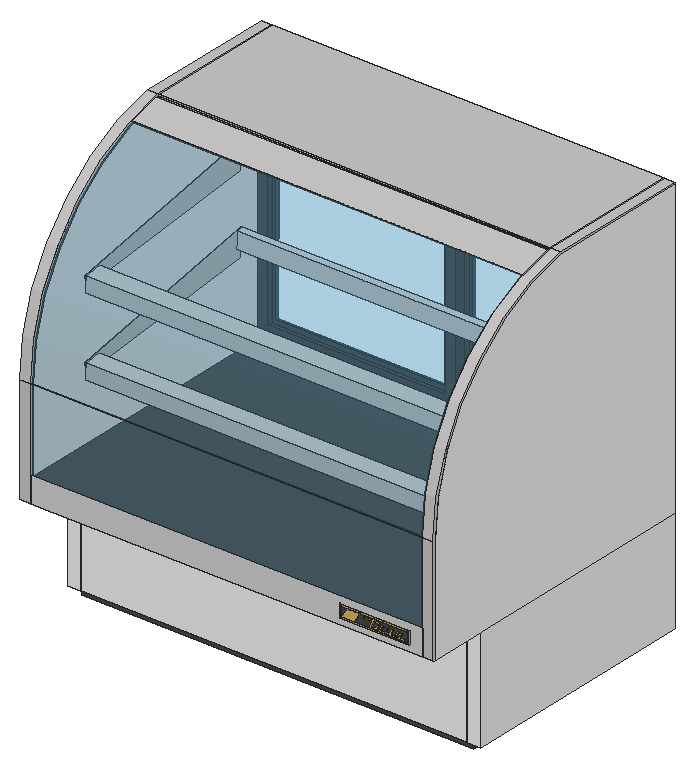
Revit family "QF_TRUE_TCGG-48-LD", category Specialty Equipment, Revit 2014 (continued)
Automatic sketch dimensions
  Extrusion 24 sketch curve to plane 4 "RIGHT" = 1 1/2"
  Extrusion 25 sketch curve to Extrusion 25 sketch curve = 0"  (x2)
  Extrusion 25 sketch curve to plane 5 "FRONT" = 0"
  Extrusion 25 sketch curve to Extrusion 25 sketch curve = 3/16"
  Extrusion 25 sketch curve to plane 6 = 1.05729"
  Extrusion 25 sketch curve to plane 5 "FRONT" = 14.66096"
  Extrusion 25 sketch curve to plane 6 = 1.23361"
  plane 1 "BACK" to Extrusion 25 sketch curve = 12.69282"
  Extrusion 25 sketch curve to Extrusion 25 sketch curve = 9.75287"
  Extrusion 26 sketch curve to plane 1 "BACK" = 0"  (x8)
  plane 1 "BACK" to Extrusion 26 sketch curve = 1 1/4"
  plane 1 "BACK" to Extrusion 26 sketch curve = 1.47478"  (x2)
  Extrusion 26 sketch curve to Extrusion 26 sketch curve = 0"  (x5)
  Extrusion 26 sketch curve to plane 7 = 16 1/8"
  Extrusion 26 sketch curve to Extrusion 26 sketch curve = 1 5/16"
  Extrusion 26 sketch curve to Extrusion 26 sketch curve = 3.02991"
  Extrusion 26 sketch curve to Extrusion 26 sketch curve = 0.28868"  (x14)
  Extrusion 26 sketch curve to Extrusion 26 sketch curve = 0.56279"
  Extrusion 26 sketch curve to Extrusion 26 sketch curve = 1.21132"  (x12)
  Extrusion 27 sketch curve to plane 6 = 1 1/4"
  plane 3 "LEFT" to Extrusion 27 sketch curve = 23 29/64"
  Extrusion 27 sketch curve to Extrusion 27 sketch curve = 1 1/4"
  Extrusion 27 sketch curve to plane 4 "RIGHT" = 2 3/4"
  Extrusion 27 sketch curve to plane 4 "RIGHT" = 1 1/2"
  Extrusion 27 sketch curve to Extrusion 27 sketch curve = 1 1/2"  (x2)
  Extrusion 27 sketch curve to plane 7 = 17 5/8"
  plane 3 "LEFT" to Extrusion 28 sketch curve = 1 1/2"
  Extrusion 28 sketch curve to Extrusion 28 sketch curve = 1 1/4"  (x2)
  Extrusion 28 sketch curve to Extrusion 28 sketch curve = 20 45/64"
  Extrusion 28 sketch curve to plane 7 = 16 1/8"
  Extrusion 28 sketch curve to Extrusion 28 sketch curve = 1 1/2"
  Extrusion 28 sketch curve to plane 6 = 2 3/4"
  Extrusion 28 sketch curve to plane 6 = 1 1/4"
  Extrusion 29 sketch curve to plane 1 "BACK" = 0"
  Extrusion 29 sketch curve to plane 1 "BACK" = 13/16"
  Extrusion 29 sketch curve to plane 6 = 11.16734"
  Extrusion 29 sketch curve to Extrusion 29 sketch curve = 1.61425"
  Extrusion 29 sketch curve to Extrusion 29 sketch curve = 8.86792"
  Extrusion 29 sketch curve to Extrusion 29 sketch curve = 1.61424"
  Extrusion 30 sketch curve to plane 1 "BACK" = 0"
  Extrusion 30 sketch curve to plane 1 "BACK" = 0.33719"
  Extrusion 30 sketch curve to plane 6 = 11.16734"
  Extrusion 30 sketch curve to Extrusion 30 sketch curve = 0.66993"
  Extrusion 30 sketch curve to Extrusion 30 sketch curve = 10.75656"
  Extrusion 30 sketch curve to Extrusion 30 sketch curve = 0.66992"
  plane 1 "BACK" to Extrusion 31 sketch curve = 1 1/4"
  plane 1 "BACK" to Extrusion 31 sketch curve = 7/16"
  Extrusion 31 sketch curve to plane 6 = 23.26375"
  Extrusion 31 sketch curve to Extrusion 31 sketch curve = 1.61424"
  Extrusion 31 sketch curve to Extrusion 31 sketch curve = 8.86792"
  Extrusion 31 sketch curve to Extrusion 31 sketch curve = 1.61425"
  plane 1 "BACK" to Extrusion 32 sketch curve = 1 1/4"
  Extrusion 32 sketch curve to Extrusion 32 sketch curve = 0.33719"
  Extrusion 32 sketch curve to plane 6 = 23.26375"
  Extrusion 32 sketch curve to Extrusion 32 sketch curve = 0.66992"
  Extrusion 32 sketch curve to Extrusion 32 sketch curve = 10.75656"
  Extrusion 32 sketch curve to Extrusion 32 sketch curve = 0.66993"
  Extrusion 33 sketch curve to plane 6 = 2 3/4"
  Extrusion 33 sketch curve to plane 4 "RIGHT" = 23 29/64"
  Extrusion 33 sketch curve to Extrusion 33 sketch curve = 1/2"  (x4)
  Extrusion 33 sketch curve to plane 4 "RIGHT" = 3 1/4"
  Extrusion 33 sketch curve to plane 7 = 18 1/8"
  plane 3 "LEFT" to Extrusion 34 sketch curve = 3 1/4"
  Extrusion 34 sketch curve to Extrusion 34 sketch curve = 19 45/64"
  Extrusion 34 sketch curve to plane 7 = 18 1/8"
  Extrusion 34 sketch curve to plane 6 = 3 1/4"
  plane 3 "LEFT" to Extrusion 35 sketch curve = 2 3/4"
  Extrusion 35 sketch curve to Extrusion 35 sketch curve = 1/2"  (x4)
  Extrusion 35 sketch curve to Extrusion 35 sketch curve = 19 45/64"
  Extrusion 35 sketch curve to plane 7 = 17 5/8"
  Extrusion 35 sketch curve to plane 6 = 3 1/4"
  Extrusion 36 sketch curve to plane 6 = 3 1/4"
  Extrusion 36 sketch curve to plane 4 "RIGHT" = 22 61/64"
  Extrusion 36 sketch curve to plane 4 "RIGHT" = 3 1/4"
  Extrusion 36 sketch curve to plane 7 = 18 1/8"
  Revolve 37 sketch curve to plane 7 = 0"
  plane 7 to Revolve 37 sketch curve = 0.23425"
  Revolve 37 sketch curve to plane 4 "RIGHT" = 1 5/16"
  Revolve 37 sketch curve to Revolve 37 sketch curve = 1.29707"
  Revolve 37 sketch curve to Revolve 37 sketch curve = 0"
  Revolve 37 sketch curve to plane 7 = 0.66296"
  Revolve 37 sketch curve to Revolve 37 sketch curve = 0.10278"
  plane 7 to Extrusion 38 sketch curve = 0.23425"
  plane 1 "BACK" to Extrusion 38 sketch curve = 1.39144"
  plane 7 to Extrusion 38 sketch curve = 0.93285"  (x2)
  Extrusion 38 sketch curve to Extrusion 38 sketch curve = 2.91176"  (x2)
  Extrusion 38 sketch curve to Extrusion 38 sketch curve = 0.2426"  (x2)
  plane 7 to Extrusion 38 sketch curve = 0.52363"
  Extrusion 38 sketch curve to plane 5 "FRONT" = 11.20249"
  Extrusion 38 sketch curve to Extrusion 38 sketch curve = 0.28938"
  Revolve 39 sketch curve to plane 4 "RIGHT" = 1.26089"
  Revolve 39 sketch curve to Revolve 39 sketch curve = 0.40592"
  Revolve 39 sketch curve to Revolve 39 sketch curve = 0.31531"
  plane 7 to Revolve 39 sketch curve = 1"
  Revolve 39 sketch curve to Revolve 39 sketch curve = 0.1"  (x2)
  Revolve 39 sketch curve to Revolve 39 sketch curve = 0.63788"
  Revolve 39 sketch curve to Revolve 39 sketch curve = 1.05"
  Revolve 39 sketch curve to Revolve 39 sketch curve = 0.6162"
  Revolve 39 sketch curve to Revolve 39 sketch curve = 0.31123"
  Revolve 39 sketch curve to Revolve 39 sketch curve = 0.10408"
  Revolve 39 sketch curve to Revolve 39 sketch curve = 1.72471"
  Revolve 39 sketch curve to Revolve 39 sketch curve = 0"
  Revolve 39 sketch curve to Revolve 39 sketch curve = 0.17121"  (x2)
  Revolve 40 sketch curve to plane 7 = 0"
  plane 7 to Revolve 40 sketch curve = 0.23425"
  Revolve 40 sketch curve to plane 4 "RIGHT" = 1 5/16"
  Revolve 40 sketch curve to Revolve 40 sketch curve = 1.29707"
  Revolve 40 sketch curve to Revolve 40 sketch curve = 0"
  Revolve 40 sketch curve to plane 7 = 0.66296"
  Revolve 40 sketch curve to Revolve 40 sketch curve = 0.10278"
  Revolve 41 sketch curve to plane 4 "RIGHT" = 1.26089"
  Revolve 41 sketch curve to Revolve 41 sketch curve = 0.40592"
  Revolve 41 sketch curve to Revolve 41 sketch curve = 0.31531"
  plane 7 to Revolve 41 sketch curve = 1"
  Revolve 41 sketch curve to Revolve 41 sketch curve = 0.1"  (x2)
  Revolve 41 sketch curve to Revolve 41 sketch curve = 0.63788"
  Revolve 41 sketch curve to Revolve 41 sketch curve = 1.05"
  Revolve 41 sketch curve to Revolve 41 sketch curve = 0.6162"
  Revolve 41 sketch curve to Revolve 41 sketch curve = 0.31123"
  Revolve 41 sketch curve to Revolve 41 sketch curve = 0.10408"
  Revolve 41 sketch curve to Revolve 41 sketch curve = 1.72471"
  Revolve 41 sketch curve to Revolve 41 sketch curve = 0"
  Revolve 41 sketch curve to Revolve 41 sketch curve = 0.17121"  (x2)
  plane 1 "BACK" to Extrusion 42 sketch curve = 4.5458"
  Extrusion 42 sketch curve to Extrusion 42 sketch curve = 0.2426"
  plane 1 "BACK" to Extrusion 42 sketch curve = 2.63233"
  plane 7 to Extrusion 44 sketch curve = 0.93285"
  Extrusion 44 sketch curve to plane 5 "FRONT" = 8.04813"
  Extrusion 44 sketch curve to Extrusion 44 sketch curve = 0.2426"
  Extrusion 44 sketch curve to Extrusion 44 sketch curve = 1.67088"
  plane 7 to Extrusion 45 sketch curve = 0.93285"
  plane 1 "BACK" to Extrusion 45 sketch curve = 4.5458"
  Extrusion 45 sketch curve to Extrusion 45 sketch curve = 0.2426"
  plane 1 "BACK" to Extrusion 45 sketch curve = 2.63233"
  plane 7 to Extrusion 46 sketch curve = 0.93285"
  Extrusion 46 sketch curve to plane 5 "FRONT" = 8.04813"
  Extrusion 46 sketch curve to Extrusion 46 sketch curve = 0.2426"
  Extrusion 46 sketch curve to Extrusion 46 sketch curve = 1.67088"
  plane 7 to Extrusion 47 sketch curve = 0.93285"
  plane 1 "BACK" to Extrusion 47 sketch curve = 4.5458"
  Extrusion 47 sketch curve to Extrusion 47 sketch curve = 0.2426"
  plane 1 "BACK" to Extrusion 47 sketch curve = 2.63233"
  plane 7 to Extrusion 48 sketch curve = 0.93285"
  Extrusion 48 sketch curve to plane 5 "FRONT" = 8.04813"
  Extrusion 48 sketch curve to Extrusion 48 sketch curve = 0.2426"
  Extrusion 48 sketch curve to Extrusion 48 sketch curve = 1.67088"
  plane 7 to Extrusion 49 sketch curve = 0.93285"
  plane 1 "BACK" to Extrusion 49 sketch curve = 4.5458"
  Extrusion 49 sketch curve to Extrusion 49 sketch curve = 0.2426"
  plane 1 "BACK" to Extrusion 49 sketch curve = 2.63233"
  plane 7 to Extrusion 50 sketch curve = 0.93285"
  Extrusion 50 sketch curve to plane 5 "FRONT" = 8.04813"
  Extrusion 50 sketch curve to Extrusion 50 sketch curve = 0.2426"
  Extrusion 50 sketch curve to Extrusion 50 sketch curve = 1.67088"
  Revolve 52 sketch curve to level = 0"
  Revolve 52 sketch curve to level = 0.21113"
  Revolve 52 sketch curve to Revolve 52 sketch curve = 1/2"  (x2)
  Revolve 52 sketch curve to plane 4 "RIGHT" = 2.60957"  (x2)
  Revolve 52 sketch curve to Revolve 52 sketch curve = 0.14819"
  Revolve 52 sketch curve to Revolve 52 sketch curve = 0.73546"
  Revolve 53 sketch curve to level = 0"
  Revolve 53 sketch curve to level = 0.21113"
  Revolve 53 sketch curve to Revolve 53 sketch curve = 1/2"  (x2)
  Revolve 53 sketch curve to plane 4 "RIGHT" = 2.60957"  (x2)
  Revolve 53 sketch curve to Revolve 53 sketch curve = 0.14819"
  Revolve 53 sketch curve to Revolve 53 sketch curve = 0.73546"
  Extrusion 54 sketch curve to plane 6 = 1/2"
  Extrusion 54 sketch curve to plane 5 "FRONT" = 22.42536"
  plane 1 "BACK" to Extrusion 54 sketch curve = 3.04339"
  Extrusion 54 sketch curve to Extrusion 54 sketch curve = 0"
  Extrusion 54 sketch curve to Extrusion 54 sketch curve = 3.04339"
  Extrusion 54 sketch curve to Extrusion 54 sketch curve = 5/16"
  Extrusion 54 sketch curve to Extrusion 54 sketch curve = 3/4"
  Extrusion 54 sketch curve to Extrusion 54 sketch curve = 4.34787"
  curve 5 to plane 3 "LEFT" = 0"
  plane 5 "FRONT" to curve 6 = 0"
  plane 1 "BACK" to curve 4 = 0"
  curve 4 to plane 4 "RIGHT" = 0"
  plane 3 "LEFT" to curve 8 = 1 1/4"
  curve 8 to plane 4 "RIGHT" = 1 1/4"
  curve 7 to curve 8 = 15.46829"
  curve 8 to curve 9 = 3.5237"
  curve 9 to curve 6 = 0.38302"
  plane 3 "LEFT" to curve 14 = 1.19864"
  plane 3 "LEFT" to curve 10 = 1.19864"
  curve 14 to curve 17 = 0.90933"
  plane 3 "LEFT" to curve 12 = 3.19864"
  plane 3 "LEFT" to curve 16 = 3.19864"
  plane 1 "BACK" to curve 11 = 0.43648"
  curve 11 to curve 12 = 0.90933"
  curve 22 to plane 4 "RIGHT" = 4.02049"
  curve 18 to plane 4 "RIGHT" = 4.02049"
  curve 18 to curve 21 = 0.90933"
  curve 18 to curve 20 = 2"
  curve 23 to curve 24 = 2"
  plane 1 "BACK" to curve 23 = 0.45452"
  curve 24 to curve 25 = 0.90933"
  plane 1 "BACK" to curve 24 = 0.97952"
  curve 21 to plane 5 "FRONT" = 8.08894"
  curve 14 to curve 8 = 7.37935"
  curve 17 to curve 14 = 0.525"
  curve 18 to curve 19 = 0.525"
  curve 10 to curve 10 = 0.525"
  radius of Extrusion 2 sketch curve = 1 1/2"  (x4)
  radius of Extrusion 7 sketch curve = 1/2"  (x4)
Connectors (in)
  electrical at (-1.2328, 5.625, 4.3125), driven by "Volts", driven by "Watts"
    settings: on Extrusion 5, index 1, voltage 115 V, apparent load 1357 VA, apparent load phase1 0 VA, apparent load phase2 0 VA, apparent load phase3 0 VA, power factor 1, load classification "Other", number of poles 1, system type 30, power factor state 1, is connector primary yes, connector utility no, sub classification motor no, connector description "Electrical Connection"
